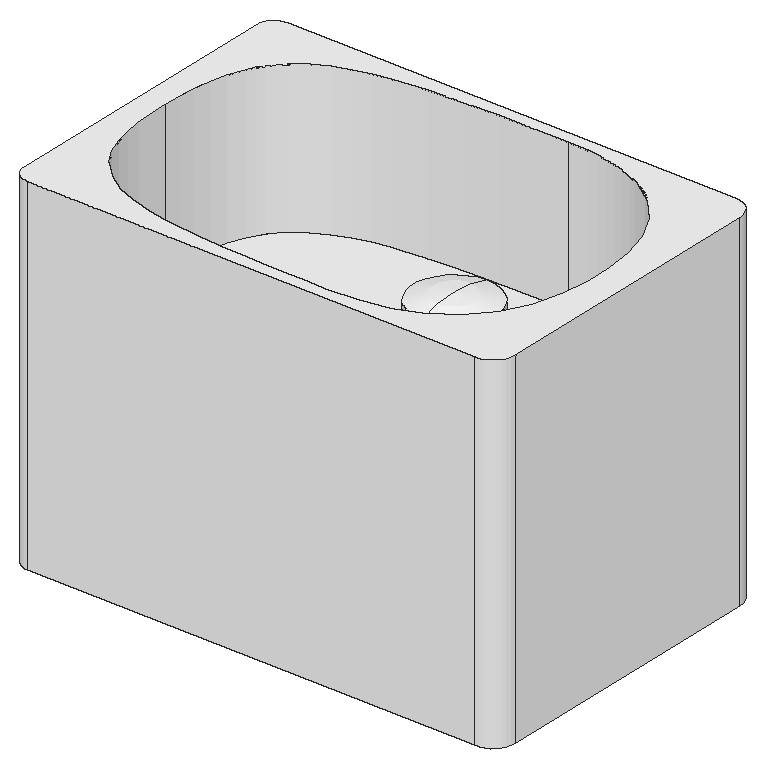
Revit family "Reece_Basin_Kado_Lussi_Wall Basin_420 mm_Right Hand Bowl", category Plumbing Fixtures, Revit 2018
Family settings
  Round Connector Dimension = Use Diameter
  Part Type = Normal
  Work Plane-Based = Yes
  Always vertical = Yes
  Cut with Voids When Loaded = Yes
  Shared = Yes
  Room Calculation Point = Yes
Parameters (values of type "No Taphole_Matte White")
  URL = "https://www.reece.com.au/product/-1810628"
  Type Comments = "Basin"
  Reece_Taphole 0 = yes
  Reece_Product_Web Page = "https://www.reece.com.au/product/-1810628"
  Reece_Product_Type = "Basin"  # constant formula
  Reece_Product_Sub Brand = "Lussi"  # constant formula
  Reece_Product_Number = "1810628"
  Reece_Product_Mount = "Wall Mounted"
  Reece_Product_Description = "Kado Lussi 420mm Right Hand Wall Basin Side Shelf with Overflow No Taphole Matte White Solid Surface"
  Reece_Product_Brand = "Kado\r\n"  # constant formula
  Reece_Overall_Width = 420 mm  # constant formula
  Reece_Overall_Height = 300 mm  # constant formula
  Reece_Overall_Depth = 280 mm  # constant formula
  Reece_Overall_Capacity = 4.60 L  # constant formula
  Reece_Material_Main = Reece_Solid_Surface_Matte_White
  Reece_Height_From_Level [instance] = 900 mm
  Reece_Detail_Installation = "Wall Mounted"  # constant formula
  Reece_Detail_Disclaimer = "THIS FILE IS THE PROPERTY OF THE REECE GROUP. IT MAY NOT BE REPRODUCED, REVERSE-ENGINEERED OR MODIFIED. ANY REPUBLICATION, TRANSMISSION OR DISTRIBUTION FOR THE PURPOSE OF COMMERCIALLY EXPLOITING THE FILES IS PROHIBITED."  # constant formula
  Reece_Detail_Connector = "No Taphole"
  Reece_Detail_Additional = "Overflow"  # constant formula
  Reece_Basin_Taphole 1 = not(Reece_Taphole 0)  # no
  Reece_Basin_Outlet = 40 mm  # constant formula
  Model = "Lussi"
  Manufacturer = "Kado\r\n"
  Keynote = "Product #1810628, Reece_Basin_Kado_Lussi_Wall Basin_420 mm_Right Hand Bowl - No Taphole_Matte White"
  Disclaimer = "THIS FILE IS THE PROPERTY OF THE REECE GROUP. IT MAY NOT BE REPRODUCED, REVERSE-ENGINEERED OR MODIFIED. ANY REPUBLICATION, TRANSMISSION OR DISTRIBUTION FOR THE PURPOSE OF COMMERCIALLY EXPLOITING THE FILES IS PROHIBITED."  # constant formula
  Description = "Kado Lussi 420mm Right Hand Wall Basin with Overflow No Taphole Matt White Solid Surface"
  Default Elevation = 0 mm
Types (2, lengths in mm): name | URL | Reece_Taphole 0 | Reece_Product_Web Page | Reece_Product_Number | Reece_Product_Description | Reece_Detail_Connector | Reece_Basin_Taphole 1 | Keynote | Description
  No Taphole_Matte White | "https://www.reece.com.au/product/-1810628" | yes | "https://www.reece.com.au/product/-1810628" | "1810628" | "Kado Lussi 420mm Right Hand Wall Basin Side Shelf with Overflow No Taphole Matte White Solid Surface" | "No Taphole" | no | "Product #1810628, Reece_Basin_Kado_Lussi_Wall Basin_420 mm_Right Hand Bowl - No Taphole_Matte White" | "Kado Lussi 420mm Right Hand Wall Basin with Overflow No Taphole Matt White Solid Surface"
  1 Taphole_Matte White | "https://www.reece.com.au/product/-1810629" | no | "https://www.reece.com.au/product/-1810629" | "1810629" | "Kado Lussi 420mm Right Hand Wall Basin Side Shelf with Overflow 1 Taphole Matte White Solid Surface" | "1 Taphole" | yes | "Product #1810629, Reece_Basin_Kado_Lussi_Wall Basin_420 mm_Right Hand Bowl - 1 Taphole_Matte White" | "Kado Lussi 420mm Right Hand Wall Basin with Overflow 1 Taphole Matt White Solid Surface"
Reference planes
  plane 1 "Center (Front/Back)": y = 0
  plane 2 "Bottom Host Plane": z = -5
  plane 3 "Center (Left/Right)": x = 0
  plane 4 "Height From Floor": z = 900
  plane 5: y = -280
  plane 6: z = 600
  plane 7: x = 210
  plane 8: x = -210
  plane 9: x = 60.263
  plane 10: x = 185.526
  plane 11: y = -140
  plane 12: y = -10
  plane 13: y = -270
  plane 14: z = 770
  plane 15: z = 896.829
  plane 16: x = -124.737
  plane 17: x = -64.737
Forms (mm)
  Extrusion 1, solid, material "Reece_Solid_Surface_Matte_White" <- "Reece_Material_Main"
    sketch origin (0, -60.875, 600) x (1, 0, 0) y (0, 1, 0)
      loop
        arc (-195, 60.875) -> (-205.607, 56.482) -> (-210, 45.875) r 15
        line (-210, 45.875) -> (-210, -204.125)
        arc (-210, -204.125) -> (-205.607, -214.731) -> (-195, -219.125) r 15
        line (-195, -219.125) -> (190.526, -219.125)
        arc (190.526, -219.125) -> (204.296, -213.421) -> (210, -199.651) r 19.474
        line (210, -199.651) -> (210, 41.401)
        arc (210, 41.401) -> (204.296, 55.172) -> (190.526, 60.875) r 19.474
        line (190.526, 60.875) -> (-195, 60.875)
    from 0 to 300
  Revolve 2, void
    sketch origin (-210, -140, 1200) x (-1, 0, 0) y (0, 0, 1)
      loop
        line (-232.297, -430) -> (-270.526, -430) -> (-270.526, -600) -> (-232.297, -600) -> (-232.297, -430)
      axis (-270.526, -430) -> (-270.526, -600)
    angle from 0 to 360
  Extrusion 3, void
    sketch origin (0, 0, 0) x (1, 0, 0) y (0, 1, 0)
      loop
        spline (-189.482, -140) -> (-188.309, -166.992) -> (-183.775, -193.598) -> (-173.652, -218.563) -> (-156.113, -238.937) -> (-132.792, -252.433) -> (-106.986, -260.348) -> (-80.374, -264.888) -> (-53.475, -267.462) -> (-26.507, -268.884) -> (0.494, -269.61) -> (27.514, -269.918) -> (54.53, -270.002)
        spline (54.53, -270.002) -> (90.056, -266.879) -> (123.771, -255.942) -> (152.25, -235.533) -> (171.996, -207.067) -> (182.485, -174.255) -> (185.525, -140.003) -> (182.483, -105.751) -> (171.994, -72.939) -> (152.247, -44.473) -> (123.768, -24.064) -> (90.054, -13.129) -> (54.528, -10)
        spline (54.528, -10) -> (27.509, -10.088) -> (0.492, -10.393) -> (-26.518, -11.117) -> (-53.496, -12.545) -> (-80.394, -15.107) -> (-107.015, -19.665) -> (-132.798, -27.611) -> (-156.113, -41.079) -> (-173.635, -61.466) -> (-183.79, -86.404) -> (-188.337, -113.014) -> (-189.482, -140)
    from 770 to 900
Cuts and joins
  Revolve 2, Extrusion 3 cuts Extrusion 1
Lines and regions (mm)
  model lines, style "InvisibleLines"
    curve 1: line (0, 0, -5) -> (0, 0, 900)
  model lines, visible <- "Reece_Basin_Taphole 1"
    curve 2: circle (-124.474, -139.983, 896.829) r 17.5 normal (0, 0, 1)
Text (mm)
  text "Reece ©" at (2750.254, -2396.412, 2870.147), in view "Reece Preview"
  text "Reece Copyright © 2018, Reece Ltd." at (-410.625, -567.968, 0), in view "Ref. Level"
Dimensions and locks
  locked: plane 2 "Bottom Host Plane" to level at 5
  "Reece_Height_From_Level": plane 4 "Height From Floor" to level
  "Reece_Overall_Height": plane 6 to plane 4 "Height From Floor"
  "Reece_Overall_Depth": plane 5 to plane 1 "Center (Front/Back)"
  "Reece_Overall_Width": plane 8 to plane 7
  plane 12 to plane 13 = 260 mm
  locked: plane 14 to plane 4 "Height From Floor" at 130
  locked: plane 15 to plane 4 "Height From Floor" at 3.171
  equal spacing: plane 8, plane 3 "Center (Left/Right)", plane 7
  plane 16 to plane 9 to plane 7 = 185 mm, 149.737 mm
  plane 16 to plane 17 to plane 10 = 60 mm, 250.263 mm
  nested 1 to plane 10 = 375 mm
  aligned and locked: plane 6 to Extrusion 1
  aligned and locked: Extrusion 1 to plane 4 "Height From Floor"
  aligned and locked: plane 2 "Bottom Host Plane" to curve 1
  aligned and locked: plane 4 "Height From Floor" to curve 1
  aligned and locked: Extrusion 3 to plane 4 "Height From Floor"
  aligned and locked: Extrusion 3 to plane 14
Automatic sketch dimensions
  Extrusion 1 sketch curve to plane 8 = 0 mm
  plane 5 to Extrusion 1 sketch curve = 0 mm
  plane 1 "Center (Front/Back)" to Extrusion 1 sketch curve = 0 mm
  Extrusion 1 sketch curve to plane 7 = 0 mm
  plane 10 to Extrusion 1 sketch curve = 5 mm  (x2)
  Revolve 2 sketch curve to plane 14 = 0 mm  (x2)
  Revolve 2 sketch curve to plane 6 = 0 mm  (x2)
  plane 9 to Revolve 2 sketch curve = 0.263 mm
  Revolve 2 sketch curve to plane 9 = 37.966 mm
  Revolve 2 sketch curve to Revolve 2 sketch curve = 0 mm
  curve 1 to plane 3 "Center (Left/Right)" = 0 mm
  curve 1 to plane 2 "Bottom Host Plane" = 0 mm
  plane 11 to curve 2 = 0.017 mm
  plane 8 to Extrusion 1 sketch curve = 15 mm  (x2)
  plane 16 to curve 2 = 0.263 mm
  Extrusion 3 sketch curve to plane 11 = 0 mm
  plane 8 to Extrusion 3 sketch curve = 20.518 mm
  Extrusion 3 sketch curve to plane 12 = 0 mm
  Extrusion 3 sketch curve to plane 9 = 5.735 mm
  Extrusion 3 sketch curve to plane 13 = 0.002 mm
  Extrusion 3 sketch curve to plane 9 = 5.733 mm
  radius of curve 2 = 17.5 mm
Nested families
  nested 1: "Reece_Basin_Double Wall Basin_Small_Nested" at (94.906, -140, 900), Reece_Material_Main <- "Reece_Material_Main", type "Reece_Basin_Double Wall Basin_Small_Nested"
    with Reece_Material_Main Reece_Solid_Surface_Matte_White
Connectors
  piping at (60.432, -139.848, 770), diameter 40, driven by "Reece_Basin_Outlet"
    settings: on nested 1, index 1, connector inside diameter 609.6 mm, connector length 0 mm, flow factor 0, pipe flow 0.0 L/s, pressure drop 0.0 Pa, fitting loss kfactor 0, connector angle 0.00°, fixture units 0, engagement length 0 mm, angle of deflection 0.00°, flow configuration 0, flow direction 2, fitting loss method 0, system type 16, joint type 0, gender type 0, connector reference index -1, connector utility 0, adjustable connector no, is connector primary yes, connector description ""
Definition of nested family "Reece_Basin_Double Wall Basin_Small_Nested"
  Parameters (values of type "Reece_Basin_Double Wall Basin_Small_Nested")
    Waste Connection = no
    WFU = 0
    Vent Connection = no
    URL = ""
    Type Comments = ""
    Reece_Material_Main [instance] = none
    Model = ""
    Manufacturer = ""
    Keynote = ""
    HWFU = 0
    HW Connection = no
    Description = ""
    Default Elevation = 0 mm
    Cost = 0
    CWFU = 0
    CW Connection = no
    Assembly Code = ""
  Reference planes
    plane 1 "Center (Front/Back)": y = 0
    plane 2 "Bottom Host Plane": z = 0
    plane 3 "Center (Left/Right)": x = 0
    plane 4: x = -284.38
    plane 5: x = 90.62
    plane 6: x = -194.668
    plane 7: y = 130
    plane 8: y = -130
    plane 9: x = -34.643
    plane 10: z = 0
    plane 11: z = -130
    plane 12: x = 115.357
    plane 13: x = -304.643
    plane 14: x = -159.38
    plane 15: y = 140
    plane 16: y = -140
  Forms (mm)
    Revolve 1, solid, material <- "Reece_Material_Main"
      sketch origin (-34.474, 79.277, -64.248) x (0, 1, 0) y (0, 0, 1)
        loop
          line (-79.125, -65.752) -> (-79.125, 7.501)
          arc (-79.125, 7.501) -> (-97.109, 5.915) -> (-114.439, 0.855) r 92.22
          line (-114.439, 0.855) -> (-114.439, -3.501) -> (-110.132, -3.501) -> (-110.132, -4.548) -> (-108.927, -5.753) -> (-103.927, -5.753) -> (-103.927, -65.752) -> (-79.125, -65.752)
        axis (-79.125, 7.501) -> (-79.125, -65.752)
      angle from 0 to 360
    Revolve 2, solid, material <- "Reece_Material_Main"
      sketch origin (-34.414, 79.125, -84.248) x (0, 1, 0) y (0, 0, 1)
        loop
          line (-104.668, -45.752) -> (-104.668, 6.746) -> (-117.125, 6.746) -> (-117.125, -45.752) -> (-104.668, -45.752)
        axis (-79.125, 6.746) -> (-79.125, -45.752)
      angle from 0 to 360
    Extrusion 3, solid, material <- "Reece_Material_Main"
      sketch origin (-114.601, 0.663, -84.531) x (-1, 0, 0) y (0, 0, -1)
        loop
          line (-106.797, -6.467) -> (-106.797, 7.903) -> (-134.813, 7.903)
          arc (-134.813, 7.903) -> (-146.293, 5.62) -> (-156.026, -0.883) r 30
          line (-156.026, -0.883) -> (-202.52, -47.378)
          arc (-202.52, -47.378) -> (-202.737, -47.702) -> (-202.813, -48.085) r 1
          line (-202.813, -48.085) -> (-202.813, -67.67) -> (-200.046, -67.67)
          arc (-200.046, -67.67) -> (-163.532, -21.664) -> (-106.797, -6.467) r 93.61
      from -22.746 to 24.073
  Cuts and joins
    joined: Revolve 2, Extrusion 3
  Lines and regions (mm)
    symbolic lines
      curve 1: arc (0, -48.782, -77.427) -> (0, -63.43, -74.378) -> (0, -76.905, -67.876) r 61.386
      curve 2: arc (0, -76.905, -67.876) -> (0, -103.69, -45.373) -> (0, -123.96, -16.86) r 138.086
      curve 3: arc (0, 48.782, -77.427) -> (0, 63.43, -74.378) -> (0, 76.905, -67.876) r 61.386
      curve 4: arc (0, 76.905, -67.876) -> (0, 103.69, -45.373) -> (0, 123.96, -16.86) r 138.086
      curve 5: line (0, -23.782, -77.427) -> (0, -48.782, -77.427)
      curve 6: line (0, 23.782, -77.427) -> (0, 48.782, -77.427)
      curve 7: line (-1.807, 0, -77.427) -> (-91.807, 0, -77.427)
  Text (mm)
    text "Reece ©" at (2750.254, -2396.412, 2870.147), in view "Reece Preview"
    text "Reece Copyright © 2018, Reece Ltd." at (-751.997, -443.435, 0), in view "Ref. Level"
